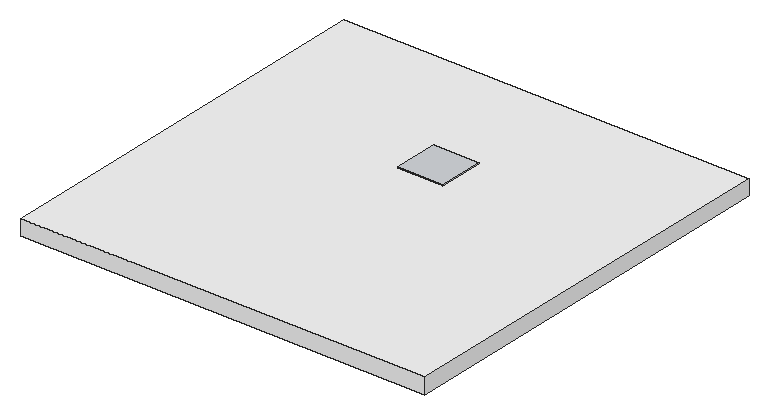
Revit family "ShowerTray-Vitra-VStoneSeries-5701813", category Plumbing Fixtures, host Face, Revit 2017
Family settings
  Host = Face
  Round Connector Dimension = Use Diameter
  Part Type = Normal
  OmniClass Number = 23.45.05.14.17
  OmniClass Title = Showers
  Cut with Voids When Loaded = No
  Shared = Yes
  Room Calculation Point = No
Parameters (values of type "ShowerTray-Solidstone-Vitra-VStoneSeries(90x90)(White)_5701813")
  Youtube = "https://www.youtube.com/user/VitrAglobal"
  Weight Net (kg) = "45,000"
  Waste Connection = yes
  Warranty Period (Year) = "10 Years"
  Vent Connection = no
  Uniformat II Description = "Plumbing Fixtures"
  Uniformat II Code = "D2010"
  Uniclass 2015 Name = "Shower trays"
  Uniclass 2015 Code = "Pr_40_20_06_84"
  Uniclass 2.0 Description = "Shower Trays"
  Uniclass 1.4 Description = "Showers"
  Uniclass 2.0 Code = "PR-35-06-84"
  Uniclass 1.4 Code = "L7214"
  URL = "https://vitraglobal.com/"
  UNSPSC Description = ""
  UNSPSC Code = "301815"
  Technical description = "https://www.vitraglobal.com/showering-areas/shower-trays/solidstone/solidstone-90x90-shower-tray-white-sku-5701813/print"
  Tap hole Options (default) = ""
  Specification = ""
  Secondary Material = Ceramic-White
  Region South America = "All"
  Region Oceania = "All"
  Region North America = "All"
  Region Middle East = "All"
  Region Europe = "All"
  Region Asia = "All"
  Region Antarctica = "All"
  Region Africa = "All"
  Product group = "V-Stone"
  Product family = "Floor Mounted Shower Tray"
  Product data url = "https://www.vitraglobal.com/showering-areas/shower-trays/solidstone/solidstone-90x90-shower-tray-white-sku-5701813"
  Product certification = "https://vitraglobal.com/catalogues/quality-certificates"
  Product SKU = "5701813"
  Product Manual = ""
  Product Guid = "https://cdn.vitra.com.tr/501-5701813-KK.pdf"
  NominalWidth = 900 mm
  NominalHeight = 35 mm
  Nominal Depth = 900 mm
  MountingType = "Floor Mounted"
  Main Material = "Ceramic"
  Help = ""
  HW Connection = no
  EAN code = ""
  Cost = 0
  OmniClass Description = "Showers"
  OmniClass Code = "23-31 17 00"
  NBS Referans Description = "Shower Trays"
  NBS Referans Code = "35-06-84"
  Model = "5701813"
  Masterformat 2014 Description = "Residential Showers"
  Masterformat 2014 Code = "22 41 23"
  Manufacturer name = "Vitra"
  Manufacturer = "Vitra"
  Installation instructions = "https://cdn.vitra.com.tr/501-5701813-MD.pdf"
  IFC Classification = "Sanitary Terminal"
  Design country = "Turkey"
  Description = "VitrA V-Stone Shower Tray"
  Default Elevation = 0 mm
  Color = "White"
  CW Connection = no
  COBIe Type Category = ""
  Brand = ""
  BIMobject category = "Sanitary - Shower trays"
  Article No. (default) = "5701813"
  Accessories (default) = ""
Types (19, lengths in mm): name | Weight Net (kg) | Technical description | Secondary Material | Product data url | Product SKU | Product Guid | NominalWidth | Nominal Depth | Model | Installation instructions | Color | Article No. (default)
  (no name) | "45,000" | "https://www.vitraglobal.com/showering-areas/shower-trays/solidstone/solidstone-90x90-shower-tray-white-sku-5701813/print" | Ceramic-White | "https://www.vitraglobal.com/showering-areas/shower-trays/solidstone/solidstone-90x90-shower-tray-white-sku-5701813" | "5701813" | "https://cdn.vitra.com.tr/501-5701813-KK.pdf" | 900 | 900 | "5701813" | "https://cdn.vitra.com.tr/501-5701813-MD.pdf" | "White" | "5701813"
  ShowerTray-Solidstone-Vitra-VStoneSeries(90x90)(White)_5701813 | "45,000" | "https://www.vitraglobal.com/showering-areas/shower-trays/solidstone/solidstone-90x90-shower-tray-white-sku-5701813/print" | Ceramic-White | "https://www.vitraglobal.com/showering-areas/shower-trays/solidstone/solidstone-90x90-shower-tray-white-sku-5701813" | "5701813" | "https://cdn.vitra.com.tr/501-5701813-KK.pdf" | 900 | 900 | "5701813" | "https://cdn.vitra.com.tr/501-5701813-MD.pdf" | "White" | "5701813"
  ShowerTray-Solidstone-Vitra-VStoneSeries(100x80)(White)_5701814 | "45,000" | "https://www.vitraglobal.com/showering-areas/shower-trays/solidstone/solidstone-100x80-shower-tray-white-sku-5701814/print" | Ceramic-White | "https://www.vitraglobal.com/showering-areas/shower-trays/solidstone/solidstone-100x80-shower-tray-white-sku-5701814" | "5701814" | "https://cdn.vitra.com.tr/501-5701814-KK.pdf" | 800 | 1000 | "5701814" | "https://cdn.vitra.com.tr/501-5701814-MD.pdf" | "White" | "5701814"
  ShowerTray-Solidstone-Vitra-VStoneSeries(120x80)(White)_5701815 | "53,000" | "https://www.vitraglobal.com/showering-areas/shower-trays/solidstone/solidstone-120x80-shower-tray-white-sku-5701815/print" | Ceramic-White | "https://www.vitraglobal.com/showering-areas/shower-trays/solidstone/solidstone-120x80-shower-tray-white-sku-5701815" | "5701815" | "https://cdn.vitra.com.tr/501-5701815-KK.pdf" | 800 | 1200 | "5701815" | "https://cdn.vitra.com.tr/501-5701815-MD.pdf" | "White" | "5701815"
  ShowerTray-Solidstone-Vitra-VStoneSeries(140x80)(White)_5701816 | "62,000" | "https://www.vitraglobal.com/showering-areas/shower-trays/solidstone/solidstone-140x80-shower-tray-white-sku-5701816/print" | Ceramic-White | "https://www.vitraglobal.com/showering-areas/shower-trays/solidstone/solidstone-140x80-shower-tray-white-sku-5701816" | "5701816" | "https://cdn.vitra.com.tr/501-5701816-KK.pdf" | 800 | 1400 | "5701816" | "https://cdn.vitra.com.tr/501-5701816-MD.pdf" | "White" | "5701816"
  ShowerTray-Solidstone-Vitra-VStoneSeries(120x90)(White)_5701817 | "60,000" | "https://www.vitraglobal.com/showering-areas/shower-trays/solidstone/solidstone-120x90-shower-tray-white-sku-5701817/print" | Ceramic-White | "https://www.vitraglobal.com/showering-areas/shower-trays/solidstone/solidstone-120x90-shower-tray-white-sku-5701817" | "5701817" | "https://cdn.vitra.com.tr/501-5701817-KK.pdf" | 900 | 1200 | "5701817" | "https://cdn.vitra.com.tr/501-5701817-MD.pdf" | "White" | "5701817"
  ShowerTray-Solidstone-Vitra-VStoneSeries(140x90)(White)_5701818 | "69,000" | "https://www.vitraglobal.com/showering-areas/shower-trays/solidstone/solidstone-140x90-shower-tray-white-sku-5701818/print" | Ceramic-White | "https://www.vitraglobal.com/showering-areas/shower-trays/solidstone/solidstone-140x90-shower-tray-white-sku-5701818" | "5701818" | "https://cdn.vitra.com.tr/501-5701818-KK.pdf" | 900 | 1400 | "5701818" | "https://cdn.vitra.com.tr/501-5701818-MD.pdf" | "White" | "5701818"
  ShowerTray-Solidstone-Vitra-VStoneSeries(90x90)(Gray)_5701819 | "45,000" | "https://www.vitraglobal.com/showering-areas/shower-trays/solidstone/solidstone-90x90-shower-tray-gray-sku-5701819/print" | Gray | "https://www.vitraglobal.com/showering-areas/shower-trays/solidstone/solidstone-90x90-shower-tray-gray-sku-5701819" | "5701819" | "https://cdn.vitra.com.tr/501-5701819-KK.pdf" | 900 | 900 | "5701819" | "https://cdn.vitra.com.tr/501-5701819-MD.pdf" | "Gray" | "5701819"
  ShowerTray-Solidstone-Vitra-VStoneSeries(100x80)(Gray)_5701850 | "45,000" | "https://www.vitraglobal.com/showering-areas/shower-trays/solidstone/solidstone-100x80-shower-tray-gray-sku-5701850/print" | Gray | "https://www.vitraglobal.com/showering-areas/shower-trays/solidstone/solidstone-100x80-shower-tray-gray-sku-5701850" | "5701850" | "https://cdn.vitra.com.tr/501-5701850-KK.pdf" | 800 | 1000 | "5701850" | "https://cdn.vitra.com.tr/501-5701850-MD.pdf" | "Gray" | "5701850"
  ShowerTray-Solidstone-Vitra-VStoneSeries(120x80)(Gray)_5701851 | "53,000" | "https://www.vitraglobal.com/showering-areas/shower-trays/solidstone/solidstone-120x80-shower-tray-gray-sku-5701851/print" | Gray | "https://www.vitraglobal.com/showering-areas/shower-trays/solidstone/solidstone-120x80-shower-tray-gray-sku-5701851" | "5701851" | "https://cdn.vitra.com.tr/501-5701851-KK.pdf" | 800 | 1200 | "5701851" | "https://cdn.vitra.com.tr/501-5701851-MD.pdf" | "Gray" | "5701851"
  ShowerTray-Solidstone-Vitra-VStoneSeries(140x80)(Gray)_5701852 | "62,000" | "https://www.vitraglobal.com/showering-areas/shower-trays/solidstone/solidstone-140x80-shower-tray-gray-sku-5701852/print" | Gray | "https://www.vitraglobal.com/showering-areas/shower-trays/solidstone/solidstone-140x80-shower-tray-gray-sku-5701852" | "5701852" | "https://cdn.vitra.com.tr/501-5701852-KK.pdf" | 800 | 1400 | "5701852" | "https://cdn.vitra.com.tr/501-5701852-MD.pdf" | "Gray" | "5701852"
  ShowerTray-Solidstone-Vitra-VStoneSeries(120x90)(Gray)_5701853 | "60,000" | "https://www.vitraglobal.com/showering-areas/shower-trays/solidstone/solidstone-120x90-shower-tray-gray-sku-5701853/print" | Gray | "https://www.vitraglobal.com/showering-areas/shower-trays/solidstone/solidstone-120x90-shower-tray-gray-sku-5701853" | "5701853" | "https://cdn.vitra.com.tr/501-5701853-KK.pdf" | 900 | 1200 | "5701853" | "https://cdn.vitra.com.tr/501-5701853-MD.pdf" | "Gray" | "5701853"
  ShowerTray-Solidstone-Vitra-VStoneSeries(140x90)(Gray)_5701854 | "69,000" | "https://www.vitraglobal.com/showering-areas/shower-trays/solidstone/solidstone-140x90-shower-tray-gray-sku-5701854/print" | Gray | "https://www.vitraglobal.com/showering-areas/shower-trays/solidstone/solidstone-140x90-shower-tray-gray-sku-5701854" | "5701854" | "https://cdn.vitra.com.tr/501-5701854-KK.pdf" | 900 | 1400 | "5701854" | "https://cdn.vitra.com.tr/501-5701854-MD.pdf" | "Gray" | "5701854"
  ShowerTray-Solidstone-Vitra-VStoneSeries(90x90)(Antrasit)_5701855 | "45,000" | "https://www.vitraglobal.com/showering-areas/shower-trays/solidstone/solidstone-90x90-shower-tray-antrasit-sku-5701855/print" | Antrasit | "https://www.vitraglobal.com/showering-areas/shower-trays/solidstone/solidstone-90x90-shower-tray-antrasit-sku-5701855" | "5701855" | "https://cdn.vitra.com.tr/501-5701855-KK.pdf" | 900 | 900 | "5701855" | "https://cdn.vitra.com.tr/501-5701855-MD.pdf" | "Antrasit" | "5701855"
  ShowerTray-Solidstone-Vitra-VStoneSeries(100x80)(Antrasit)_5701856 | "45,000" | "https://www.vitraglobal.com/showering-areas/shower-trays/solidstone/solidstone-100x80-shower-tray-antrasit-sku-5701856/print" | Antrasit | "https://www.vitraglobal.com/showering-areas/shower-trays/solidstone/solidstone-100x80-shower-tray-antrasit-sku-5701856" | "5701856" | "https://cdn.vitra.com.tr/501-5701856-KK.pdf" | 800 | 1000 | "5701856" | "https://cdn.vitra.com.tr/501-5701856-MD.pdf" | "Antrasit" | "5701856"
  ShowerTray-Solidstone-Vitra-VStoneSeries(120x80)(Antrasit)_5701857 | "53,000" | "https://www.vitraglobal.com/showering-areas/shower-trays/solidstone/solidstone-120x80-shower-tray-antrasit-sku-5701857/print" | Antrasit | "https://www.vitraglobal.com/showering-areas/shower-trays/solidstone/solidstone-120x80-shower-tray-antrasit-sku-5701857" | "5701857" | "https://cdn.vitra.com.tr/501-5701857-KK.pdf" | 800 | 1200 | "5701857" | "https://cdn.vitra.com.tr/501-5701857-MD.pdf" | "Antrasit" | "5701857"
  ShowerTray-Solidstone-Vitra-VStoneSeries(140x80)(Antrasit)_5701858 | "62,000" | "https://www.vitraglobal.com/showering-areas/shower-trays/solidstone/solidstone-140x80-shower-tray-antrasit-sku-5701858/print" | Antrasit | "https://www.vitraglobal.com/showering-areas/shower-trays/solidstone/solidstone-140x80-shower-tray-antrasit-sku-5701858" | "5701858" | "https://cdn.vitra.com.tr/501-5701858-KK.pdf" | 800 | 1400 | "5701858" | "https://cdn.vitra.com.tr/501-5701858-MD.pdf" | "Antrasit" | "5701858"
  ShowerTray-Solidstone-Vitra-VStoneSeries(120x90)(Antrasit)_5701859 | "60,000" | "https://www.vitraglobal.com/showering-areas/shower-trays/solidstone/solidstone-120x90-shower-tray-antrasit-sku-5701859/print" | Antrasit | "https://www.vitraglobal.com/showering-areas/shower-trays/solidstone/solidstone-120x90-shower-tray-antrasit-sku-5701859" | "5701859" | "https://cdn.vitra.com.tr/501-5701859-KK.pdf" | 900 | 1200 | "5701859" | "https://cdn.vitra.com.tr/501-5701859-MD.pdf" | "Antrasit" | "5701859"
  ShowerTray-Solidstone-Vitra-VStoneSeries(140x90)(Antrasit)_5701860 | "69,000" | "https://www.vitraglobal.com/showering-areas/shower-trays/solidstone/solidstone-140x90-shower-tray-antrasit-sku-5701860/print" | Antrasit | "https://www.vitraglobal.com/showering-areas/shower-trays/solidstone/solidstone-140x90-shower-tray-antrasit-sku-5701860" | "5701860" | "https://cdn.vitra.com.tr/501-5701860-KK.pdf" | 900 | 1400 | "5701860" | "https://cdn.vitra.com.tr/501-5701860-MD.pdf" | "Antrasit" | "5701860"
Reference planes
  plane 1 "Center (Front/Back)": y = 0
  plane 2: z = 0.034
  plane 3 "Center (Left/Right)": x = -7.188
  plane 4: z = 35
  plane 5: x = 442.812
  plane 6: y = 449.999
  plane 7: z = 0
  plane 8: y = -450.001
  plane 9: x = -57.182
  plane 10: x = 42.806
  plane 11: x = -7.188
  plane 12: x = -457.188
Forms (mm)
  Extrusion 1, solid
    sketch origin (6.484, 0, 0.034) x (1, 0, 0) y (0, 1, 0)
      loop
        line (36.322, 200.185) -> (-63.666, 200.185) -> (-63.666, 100.185) -> (36.322, 100.185) -> (36.322, 200.185)
    from 36.092 to -95.457
  Extrusion 2, solid
    sketch origin (-1.25, 0, 0.034) x (1, 0, 0) y (0, 1, 0)
      loop
        circle (-6.08, 149.792) r 45
    from 0 to -88.451
  Extrusion 3, solid, material "Ceramic-White" <- "Secondary Material"
    sketch origin (0, 0, 0) x (1, 0, 0) y (0, 1, 0)
      loop
        line (442.812, 449.999) -> (-457.188, 449.999) -> (-457.188, -450.001) -> (442.812, -450.001) -> (442.812, 449.999)
    from 0 to 35
Dimensions and locks
  "NominalHeight": plane 4 to plane 7
  "Nominal Depth": plane 6 to plane 8
  equal spacing: plane 9, plane 11, plane 10
  equal spacing: plane 12, plane 3 "Center (Left/Right)", plane 5
  "NominalWidth": plane 12 to plane 5
  aligned and locked: plane 2 to host face
  aligned and locked: level to host face
  aligned and locked: plane 9 to Extrusion 1
  aligned and locked: plane 10 to Extrusion 1
  aligned and locked: plane 11 to plane 3 "Center (Left/Right)"
  aligned and locked: plane 6 to Extrusion 3
  aligned and locked: plane 8 to Extrusion 3
  aligned and locked: plane 5 to Extrusion 3
  aligned and locked: plane 12 to Extrusion 3
Automatic sketch dimensions
  host sketch curve to host sketch curve = 2438.4 mm  (x2)
  Extrusion 1 sketch curve to plane 3 "Center (Left/Right)" = 49.994 mm
  plane 3 "Center (Left/Right)" to Extrusion 1 sketch curve = 49.994 mm
  Extrusion 1 sketch curve to plane 1 "Center (Front/Back)" = 100.185 mm
  Extrusion 1 sketch curve to Extrusion 1 sketch curve = 100 mm
  Extrusion 2 sketch curve to plane 3 "Center (Left/Right)" = 0.142 mm
  Extrusion 2 sketch curve to plane 1 "Center (Front/Back)" = 149.792 mm
  Extrusion 3 sketch curve to plane 6 = 0 mm
  Extrusion 3 sketch curve to plane 12 = 0 mm
  Extrusion 3 sketch curve to plane 5 = 0 mm
  Extrusion 3 sketch curve to plane 8 = 0 mm
  radius of Extrusion 2 sketch curve = 45 mm
